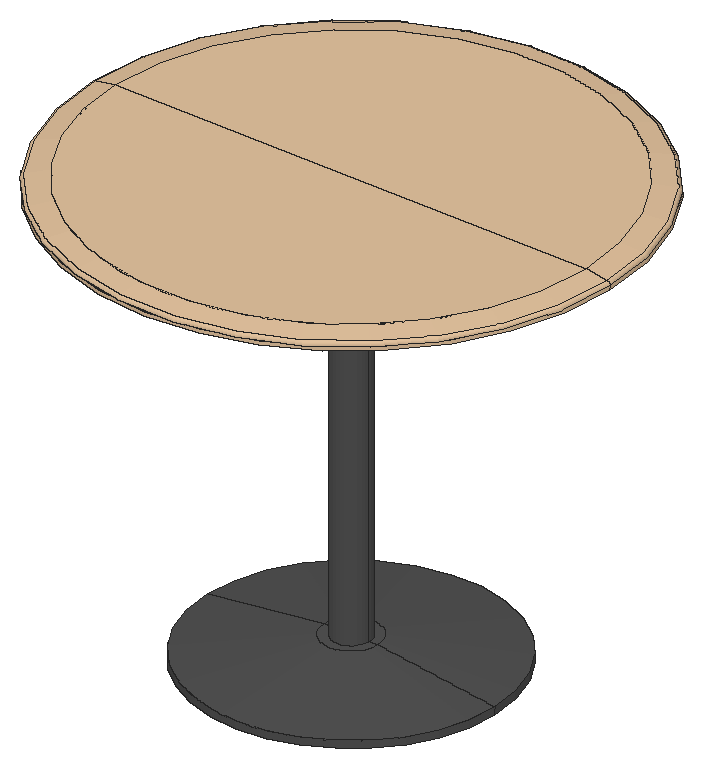
Revit family
Parameters (values of type "0915mm Diameter")
  Base Material = Metal - Chrome
  Base Radius = 254.00 mm
  Height = 762.00 mm
  Radius = 457.00 mm
  Top Material = Wood - Birch
Types (4, lengths in mm): name | Base Radius | Radius
  (no name) | 254.00 | 457.00
  0915mm Diameter | 254.00 | 457.00
  1067mm Diameter | 254.00 | 533.00
  1220mm Diameter | 305.00 | 610.00
Reference planes
  plane 1 "Center (Front/Back)": y = 0
  plane 2: z = 0
  plane 3 "Center (Left/Right)": x = 0
  plane 4: z = 762
Forms (mm)
  Extrusion 1, solid, material "Metal - Chrome" <- "Base Material"
    sketch origin (0, 0, 38.1) x (1, 0, 0) y (0, 1, 0)
      loop
        circle (0, 0) r 31.75
    from 0 to 704.85
  Revolve 2, solid, material "Metal - Chrome" <- "Base Material"
    sketch origin (0, 0, 0) x (1, 0, 0) y (0, 0, 1)
      loop
        line (0, 0) -> (0, 38.1) -> (-47.625, 38.1) -> (-254, 12.7) -> (-254, 0) -> (0, 0)
      axis (0, 38.1) -> (0, 0)
    angle from 0 to 360
  Revolve 3, solid, material "Wood - Birch" <- "Top Material"
    sketch origin (0, 0, 0) x (1, 0, 0) y (0, 0, 1)
      loop
        line (0, 742.95) -> (0, 762) -> (-415.101, 762) -> (-451.753, 755.537)
        arc (-451.753, 755.537) -> (-455.514, 753.366) -> (-457, 749.284) r 6.35
        line (-457, 749.284) -> (-457, 742.95) -> (0, 742.95)
      axis (0, 762) -> (0, 742.95)
    angle from 0 to 360
Lines and regions (mm)
  Masking region 1
    outline origin (0, 0, 0) x (1, 0, 0) y (0, 1, 0)
      loop
        circle (0, 0) r 457
  symbolic lines
    curve 1: arc (-415.101, 0, 0) -> (0, 415.101, 0) -> (415.101, 0, 0) r 415.101
    curve 2: arc (415.101, 0, 0) -> (0, -415.101, 0) -> (-415.101, 0, 0) r 415.101
Dimensions and locks
  "Height": plane 4 to plane 2
  "Base Radius": plane 3 "Center (Left/Right)" to Revolve 2 sketch curve
  "Radius": plane 3 "Center (Left/Right)" to Revolve 3 sketch curve
  aligned and locked: Extrusion 1 to Revolve 3
  aligned and locked: Masking region 1 sketch curve to Revolve 3
  aligned and locked: curve 1 to Revolve 3
  aligned: curve 2 to Revolve 3
Automatic sketch dimensions
  Extrusion 1 sketch curve to plane 1 "Center (Front/Back)" = 0.00 mm
  Extrusion 1 sketch curve to plane 3 "Center (Left/Right)" = 0.00 mm
  Extrusion 1 sketch curve to plane 3 "Center (Left/Right)" = 31.75 mm
  Revolve 2 sketch curve to level = 0.00 mm
  Revolve 2 sketch curve to plane 3 "Center (Left/Right)" = 0.00 mm  (x2)
  Revolve 2 sketch curve to plane 3 "Center (Left/Right)" = 47.625 mm
  level to Revolve 2 sketch curve = 12.70 mm
  Revolve 2 sketch curve to level = 38.10 mm
  level to Revolve 2 sketch curve = 38.10 mm
  Revolve 2 sketch curve to Revolve 2 sketch curve = 177.80 mm
  Revolve 3 sketch curve to plane 4 = 0.00 mm
  Revolve 3 sketch curve to plane 3 "Center (Left/Right)" = 0.00 mm  (x2)
  plane 4 to Revolve 3 sketch curve = 12.716 mm
  Revolve 3 sketch curve to Revolve 3 sketch curve = 35.549 mm
  plane 4 to Revolve 3 sketch curve = 6.463 mm
  Revolve 3 sketch curve to Revolve 3 sketch curve = 1.103 mm
  plane 4 to Revolve 3 sketch curve = 19.05 mm
  Revolve 3 sketch curve to Revolve 3 sketch curve = 107.95 mm
  Revolve 3 sketch curve to plane 4 = 76.20 mm
